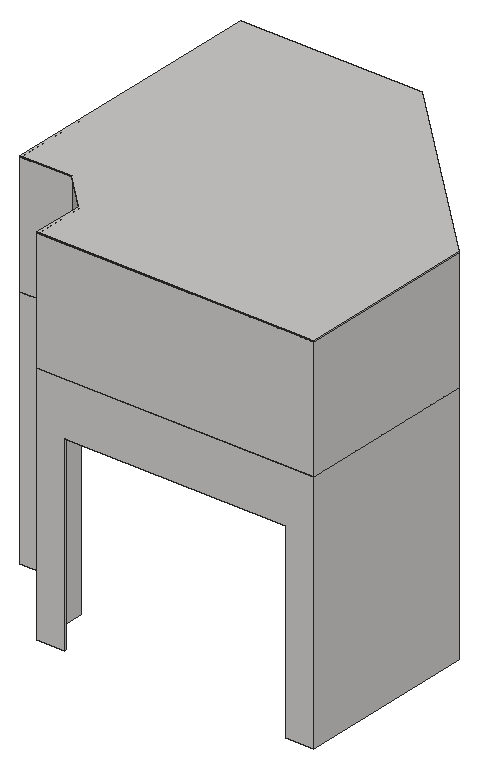
Revit family "QF_ELECTROLUXPROFESSIONAL_535140_NCDDRE6M", category Specialty Equipment, Revit 2018
Family settings
  Round Connector Dimension = Use Diameter
  Part Type = Normal
  Work Plane-Based = No
  Always vertical = Yes
  Cut with Voids When Loaded = No
  Shared = No
  Room Calculation Point = No
Parameters (values of type "Standard")
  Weight = 45.00 kg
  Watts = 0 W
  Volts = 440 V
  URL Manufacturer = "http://professional.electrolux.com/"
  URL = "http://professional.electrolux.com/"
  Steam Supply Size = 0 mm
  Steam Supply Minimum Pressure = 0.0 Pa
  Steam Supply Maximum Pressure = 0.0 Pa
  Steam Pounds per Hour = 0
  Show Logo [instance] = yes
  Refrigeration Suction Line Size = 0 mm
  Refrigeration Liquid Line Size = 0 mm
  Refrigerant Compressor Remote = yes
  Manufacturer = "Electrolux Professional"
  Phase = 3
  Model = "NCDDRE6M"
  Length Actual = 872 mm  # constant formula
  Show Clearance [instance] = yes
  Item Number = "535140"
  Hot Water Size = 0 mm
  Height Actual = 877 mm  # constant formula
  HP = "11.4 HP"
  Gas Size = 0 mm
  Gas KW = 0
  Gas Input Pressure = 0 W
  Direct Waste Size = 0 mm
  Description = "CORNER DRYER, DUAL RINSE RT, ELECTRIC, 440V/ 3/ 60HZ - MARINE"
  Depth Actual = 872 mm  # constant formula
  Cycle = 60 Hz
  Condensate Return Size = 0 mm
  Compressed Air Volume = 0.0 L/s
  Compressed Air Size = 0 mm
  Compressed Air Pressure = 0.0 Pa
  Cold Water Size = 0 mm
  Accessory = yes
Types (2, lengths in mm): name | Volts | URL Manufacturer | URL | Manufacturer | Phase | Model | Item Number | Description | Cycle
  NCDDRE56 | 0 V | "" | "http://professional.electrolux.com" | "Electrolux" | 0 | "ESR10E5" | "" | "SINGLE RINSE RT, 100R/H, ELECTRIC 50HZ" | 0 Hz
  Standard | 440 V | "http://professional.electrolux.com/" | "http://professional.electrolux.com/" | "Electrolux Professional" | 3 | "NCDDRE6M" | "535140" | "CORNER DRYER, DUAL RINSE RT, ELECTRIC, 440V/ 3/ 60HZ - MARINE" | 60 Hz
Reference planes
  plane 1 "Center X": y = -16.742
  plane 2: z = 0
  plane 3 "BACK": y = 315.258
  plane 4 "TOP2": z = 1364
  plane 5 "TOP": z = 1785
  plane 6 "MIDDLEY": y = -348.742
  plane 7 "LEFT": x = -423.563
  plane 8 "RIGHT": x = 448.437
  plane 9 "BASE": z = 908
  plane 10 "FRONT": y = -556.742
  plane 11: x = -215.563
  plane 12 "TOP1": z = 1493
  plane 13 "CenterY": x = 116.437
Forms (mm)
  Extrusion 1, solid, material "QF_Finishes_Stainless Steel"
    sketch origin (0, 0, 908) x (-1, 0, 0) y (0, -1, 0)
      loop
        line (423.563, 348.742) -> (298.563, 348.742) -> (215.563, 431.742) -> (215.563, 556.742) -> (-448.437, 556.742) -> (-448.437, 121.742) -> (-11.437, -315.258) -> (423.563, -315.258) -> (423.563, 348.742)
      loop
        line (420.563, 345.742) -> (297.32, 345.742) -> (212.563, 430.499) -> (212.563, 553.742) -> (-445.437, 553.742) -> (-445.437, 122.984) -> (-10.195, -312.258) -> (420.563, -312.258) -> (420.563, 345.742)
    from 0 to 585
  Extrusion 2, solid, material "QF_Finishes_Stainless Steel"
    sketch origin (0, 0, 908) x (-1, 0, 0) y (0, -1, 0)
      loop
        line (423.563, 348.742) -> (298.563, 348.742) -> (215.563, 431.742) -> (215.563, 556.742) -> (-448.437, 556.742) -> (-448.437, 121.742) -> (-11.437, -315.258) -> (423.563, -315.258) -> (423.563, 348.742)
      loop
        line (420.563, 345.742) -> (297.32, 345.742) -> (212.563, 430.499) -> (212.563, 553.742) -> (-445.437, 553.742) -> (-445.437, 122.984) -> (-10.195, -312.258) -> (420.563, -312.258) -> (420.563, 345.742)
    from 875 to 585
  Extrusion 3, solid, material "QF_Finishes_Stainless Steel"
    sketch origin (0, 0, 1785) x (1, 0, 0) y (0, 1, 0)
      loop
        line (-423.563, 315.258) -> (-423.563, -348.742) -> (-298.563, -348.742) -> (-215.563, -431.742) -> (-215.563, -556.742) -> (448.437, -556.742) -> (448.437, -121.742) -> (11.437, 315.258) -> (-423.563, 315.258)
    from 0 to -2
  Extrusion 4, void
    sketch origin (0, -556.742, 0) x (-1, 0, 0) y (0, 0, 1)
      loop
        line (148.563, 908) -> (148.563, 1364) -> (-381.437, 1364) -> (-381.437, 908) -> (148.563, 908)
    from -10 to 10
  Extrusion 5, void
    sketch origin (-423.563, 0, 0) x (0, 1, 0) y (0, 0, 1)
      loop
        line (-281.742, 908) -> (248.258, 908) -> (248.258, 1364) -> (-281.742, 1364) -> (-281.742, 908)
    from -10 to 60
Cuts and joins
  Extrusion 4, Extrusion 5 cuts Extrusion 1
Lines and regions (mm)
  symbolic lines
    curve 1: line (-423.563, 315.258, 1493) -> (-423.563, -348.742, 1493)
    curve 2: line (-423.563, -348.742, 1493) -> (-298.563, -348.742, 1493)
    curve 3: line (-298.563, -348.742, 1493) -> (-215.563, -431.742, 1493)
    curve 4: line (-215.563, -556.742, 1493) -> (-215.563, -431.742, 1493)
    curve 5: line (448.437, -556.742, 1493) -> (-215.563, -556.742, 1493)
    curve 6: line (448.437, -121.742, 1493) -> (448.437, -556.742, 1493)
    curve 7: line (11.437, 315.258, 1493) -> (448.437, -121.742, 1493)
    curve 8: line (-423.563, 315.258, 1493) -> (11.437, 315.258, 1493)
    curve 9: line (116.437, -541.742, 1493) -> (116.437, -556.742, 1493)
    curve 10: line (-408.563, -16.742, 1493) -> (-423.563, -16.742, 1493)
Dimensions and locks
  plane 3 "BACK" to plane 1 "Center X" to plane 6 "MIDDLEY" = 332 mm, 332 mm
  plane 3 "BACK" to plane 6 "MIDDLEY" = 664 mm  (x2)
  plane 5 "TOP" to plane 9 "BASE" = 877 mm
  plane 5 "TOP" to plane 4 "TOP2" = 421 mm
  plane 6 "MIDDLEY" to plane 10 "FRONT" = 208 mm
  plane 11 to plane 8 "RIGHT" = 664 mm
  plane 3 "BACK" to plane 10 "FRONT" = 872 mm
  Extrusion 3 to cut or joined group of Extrusion 1, Extrusion 4, Extrusion 5 to cut or joined group of Extrusion 1, Extrusion 4, Extrusion 5 to level = 421 mm, 456 mm, 908 mm
  aligned and locked: level to plane 2
